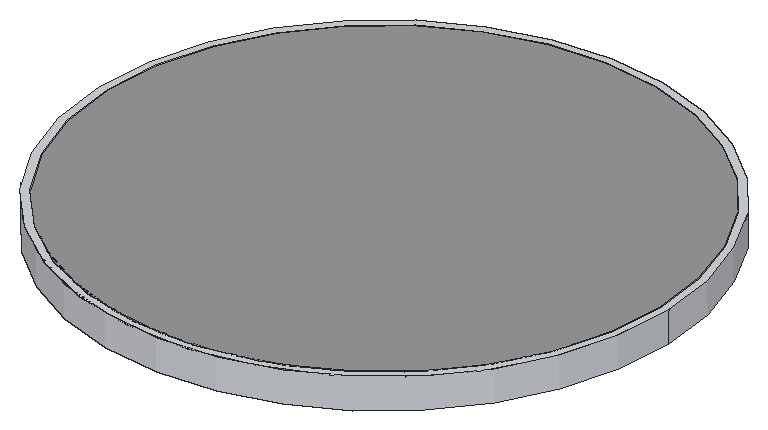
Revit family "2071299", category Lighting Fixtures, host Face, Revit 2018
Family settings
  Host = Face
  Round Connector Dimension = Use Diameter
  Part Type = Junction Box
  OmniClass Number = 23.80.70.00
  OmniClass Title = Lighting
  Cut with Voids When Loaded = No
  Light Source = Yes
  Shared = No
  Room Calculation Point = No
Parameters (values of type "2071299 COLOSSAL 1200 940 OP DIR WHT SSA02")
  iner diameter = 1168 mm
  Weight = "n/a"
  Wattage Comments = ""
  Wattage = 30 W
  WarrantyStartDate [instance] = "n/a"
  WarrantyGuarantorParts = "n/a"
  WarrantyDurationUnit = "n/a"
  WarrantyDurationParts = ""
  WarrantyDescription = "http://www.sylvania-lighting.com"
  built-in parameter 1150110 = 1 (stored number, unit not read)
  Voltage = 230 V
  URL = "0.95"
  TypeName = "COLOSSAL 1200mm 940 OPAL DIR WHITE SSA02"
  Type Image = <None>
  Type Comments = "n/a"
  built-in parameter 1114217 = 1 (stored number, unit not read)
  Tilt Angle = -90.00°
  built-in parameter 1150109 = 1 (stored number, unit not read)
  built-in parameter 1150134 = (empty or 0)
  built-in parameter 1150113 = 1 (stored number, unit not read)
  SerialNumber [instance] = "n/a"
  Photometric Web File = "2071299.ies"
  Material_3_SYL = LED-Sylvania
  PowerFactor = 0
  PowerConsumption = "Lighting"
  NominalLength = 1168 mm
  NominalHeight = 93 mm
  NominalDepth = 1168 mm
  Name = "COLOSSAL 1200mm 940 OPAL DIR WHITE SSA02"
  ModelReference = Name  # "COLOSSAL 1200mm 940 OPAL DIR WHITE SSA02"
  ModelNumber = "2071299"
  Model = Name  # "COLOSSAL 1200mm 940 OPAL DIR WHITE SSA02"
  Material = "Feilo Sylvania"
  ManufacturerName = "122 lm/W"
  Manufacturer = ""
  LuminousEfficacy = ""
  built-in parameter 1150105 = 270.44 (stored number, unit not read)
  Lumens = 3398.4 lm
  LuminaireType = "0"
  built-in parameter 1150115 = 1 (stored number, unit not read)
  LightOutputRatio = "LED"
  built-in parameter 1150137 = (empty or 0)
  built-in parameter 1150139 = (empty or 0)
  LampsType = Lamp  # "n/a"
  LampNominalLuminous = "4000 K"
  LampMacAdamStep = "90"
  LampColourTemperature = "LED"
  LampColourRenderingIndex = "16500"
  built-in parameter 1150112 = 1 (stored number, unit not read)
  built-in parameter 1150114 = 1 (stored number, unit not read)
  Lamp = "n/a"
  Keynote = "n/a"
  InstallationDate [instance] = "n/a"
  InputVoltage = "0"
  InputNominalFrequency = "4000"
  built-in parameter 1150132 = (empty or 0)
  built-in parameter 1150102 = (empty or 0)
  built-in parameter 1150107 = 3000 (stored number, unit not read)
  built-in parameter 1150138 = (empty or 0)
  IngressProtection = "IfcLightFixtureType"
  ImpactProtectionIndex = "IfcLightFixtureType"
  built-in parameter 1150106 = 2.7044 (stored number, unit not read)
  IfcExportType = "IfcLightFixtureType"
  IfcExportAs = "Class I"
  Emit from Circle Diameter = 385 mm
  Emit Shape Visible in Rendering = no
  ElectricShockClassification = "122"
  built-in parameter 1150104 = 10.524 (stored number, unit not read)
  DocumentationLiterature = "http://www.sylvania-lighting.com/product/en-int/products/2071299"
  DimmingControlOptions = "n/a"
  Material_2_SYL = Polycarbonate_Sylvania_White
  Dimming Lamp Color Temperature Shift = <None>
  Description = "1200mm diameter circular architectural luminaire, can be surface mounted or suspended. Powder coated aluminium housing (RAL9016) with polycarbonate opal diffuser. Direct light distribution, 18745lm luminuous flux, 153.6W system power, 122lm/W luminiaire efficacy. Sylsmart Connected enabled. Colour rendering index Ra >90, 4000K Neutral White LED, chromaticity tolerance of 3-step MacAdam ellipse. IP40/IP20, IK03. 450mA drive current. Electrical protection Class1, 220-240V. Reported lifetime 66k hours L90B10."
  Default Elevation = 1219.2 mm
  CreatedOn = "23/03/2022"
  CreatedBy = "@sylvania-lighting.com"
  Cost = 0
  Color Filter = 16777215
  built-in parameter 1114216 [instance] = (empty or 0)
  ClassificationValue = "EF_70_80"
  ClassificationName = "Uniclass2015"
  Material_1_SYL = Polycarbonate_Sylvania_Opal
  BarCode [instance] = "n/a"
  built-in parameter 1114218 = 1 (stored number, unit not read)
  built-in parameter 1150133 = 10 (stored number, unit not read)
  AssetType = "Fixed"
  AssetIdentifier [instance] = "n/a"
  Assembly Code = "D5020200"
  Apparent Load = 153.6 VA
  Material_4_SYL = none
Reference planes
  plane 1 "Center (Front/Back)": y = 0
  plane 2: z = 0
  plane 3 "Center (Left/Right)": x = 0
  plane 4: z = 1.161
  plane 5: z = 16.161
  plane 6: y = 584
  plane 7: y = -584
  plane 8: x = 85
  plane 9: x = -85
  plane 10: through (0, 0, 1219.2) normal (0.5, 0.866, 0)
  plane 11: through (42.5, 73.612, 1219.2) normal (0.5, 0.866, 0)
  plane 12: through (-42.5, -73.612, 1219.2) normal (0.5, 0.866, 0)
  plane 13: through (0, 0, 1219.2) normal (0.5, -0.866, 0)
  plane 14: through (-42.5, 73.612, 1219.2) normal (0.5, -0.866, 0)
  plane 15: through (42.5, -73.612, 1219.2) normal (0.5, -0.866, 0)
  plane 16: z = 93
  plane 17: y = 584
  plane 18: y = -584
  plane 19: y = -429
  plane 20: x = -584
  plane 21: x = 584
Forms (mm)
  Extrusion 1, solid, detail levels medium+fine
    sketch origin (0, 0, 0) x (0.866025, -0.5, 0) y (0.5, 0.866025, 0)
      loop
        circle (-50, 86.603) r 22
    from 0 to 2
  Extrusion 2, solid, detail levels medium+fine
    sketch origin (0, 0, 0) x (0.866025, -0.5, 0) y (0.5, 0.866025, 0)
      loop
        circle (100, 0) r 22
      loop
        circle (-50, -86.603) r 22
    from 0 to 2
  Extrusion 3, solid, detail levels medium+fine
    sketch origin (0, 0, 0) x (1, 0, 0) y (0, 1, 0)
      loop
        circle (0, 0) r 584
    from 30 to 93
  Extrusion 4, void
    sketch origin (0, 0, 0) x (1, 0, 0) y (0, 1, 0)
      loop
        circle (0, 0) r 568
    from 96.588 to 37.292
  Extrusion 5, solid, material "Glass, White, High Luminance", detail levels fine
    sketch origin (0, 0, 0) x (1, 0, 0) y (0, 1, 0)
      loop
        circle (0, 0) r 568
    from 88.022 to 93
  Extrusion 6, solid, detail levels coarse
    sketch origin (0, 0, 0) x (1, 0, 0) y (0, 1, 0)
      loop
        line (-584, 584) -> (-584, -584) -> (584, -584) -> (584, 584) -> (-584, 584)
    from 0 to 93
  Blend 7, solid, detail levels medium+fine
    base sketch origin (-10.814, 11.299, 29.922) x (1, 0, 0) y (0, 1, 0)
      loop
        line (-402.654, -330.622) -> (397.346, -330.622) -> (482.346, -183.398) -> (82.346, 509.423) -> (-87.654, 509.423) -> (-487.654, -183.398) -> (-402.654, -330.622)
    top sketch origin (-10.814, 11.299, 29.922) x (1, 0, 0) y (0, 1, 0)
      loop
        line (-363.391, -306.496) -> (364.632, -306.496) -> (449.632, -159.272) -> (87.132, 468.597) -> (-82.868, 468.597) -> (-445.368, -159.272) -> (-363.391, -306.496)
    from 0 to -30
Cuts and joins
  Extrusion 4 cuts Extrusion 1
  Extrusion 4 cuts Extrusion 2
  Extrusion 4 cuts Extrusion 3
Lines and regions (mm)
  model lines, detail levels medium+fine
    curve 1: circle (0, 0, 0) r 155 normal (0, 0, 1)
  reference lines
    curve 2: circle (0, 0, 0) r 489 normal (0, 0, 1)
    curve 3: circle (0, 0, 0) r 521 normal (0, 0, 1)
    curve 4: line (0, 0, 0) -> (606.218, -350, 0)
    curve 5: line (0, 0, 0) -> (0, 825, 0)
    curve 6: line (0, 0, 0) -> (-623.538, -360, 0)
    curve 7: line (639.013, -270.785, 0) -> (85, 49.075, 0)
    curve 8: line (563.718, -423.612, 0) -> (0, -98.15, 0)
    curve 9: line (85, 49.075, 0) -> (85, 825, 0)
    curve 10: line (-85, 49.075, 0) -> (-85, 825, 0)
    curve 11: line (-85, 49.075, 0) -> (-666.038, -286.388, 0)
    curve 12: line (-581.038, -433.612, 0) -> (0, -98.15, 0)
Dimensions and locks
  plane 4 to level = 1.161 mm
  locked: plane 5 to plane 4 at 15
  "NominalDepth": plane 6 to plane 7
  plane 6 to plane 1 "Center (Front/Back)" to plane 7 = 584 mm, 584 mm
  "NominalHeight": level to plane 16
  equal spacing: plane 17, plane 1 "Center (Front/Back)", plane 18
  "NominalLength": plane 20 to plane 21
  equal spacing: plane 20, plane 3 "Center (Left/Right)", plane 21
  aligned and locked: plane 2 to host face
  aligned and locked: level to host face
  aligned and locked: plane 6 to Extrusion 6
Automatic sketch dimensions
  host sketch curve to host sketch curve = 2438.4 mm  (x2)
  Extrusion 1 sketch curve to plane 3 "Center (Left/Right)" = 0 mm
  Extrusion 1 sketch curve to plane 1 "Center (Front/Back)" = 100 mm
  plane 1 "Center (Front/Back)" to Extrusion 2 sketch curve = 50 mm
  Extrusion 2 sketch curve to plane 3 "Center (Left/Right)" = 86.603 mm
  Extrusion 2 sketch curve to Extrusion 2 sketch curve = 150 mm
  Extrusion 2 sketch curve to Extrusion 2 sketch curve = 86.603 mm
  plane 1 "Center (Front/Back)" to curve 1 = 0 mm
  curve 1 to plane 3 "Center (Left/Right)" = 0 mm
  plane 1 "Center (Front/Back)" to Extrusion 3 sketch curve = 0 mm
  Extrusion 3 sketch curve to plane 3 "Center (Left/Right)" = 0 mm
  plane 1 "Center (Front/Back)" to Extrusion 4 sketch curve = 0 mm
  Extrusion 4 sketch curve to plane 3 "Center (Left/Right)" = 0 mm
  plane 1 "Center (Front/Back)" to Extrusion 5 sketch curve = 0 mm
  Extrusion 5 sketch curve to plane 3 "Center (Left/Right)" = 0 mm
  curve 2 to curve 3 = 0 mm  (x2)
  curve 11 to plane 14 = 0 mm
  curve 6 to plane 13 = 0 mm
  curve 12 to plane 15 = 0 mm
  curve 10 to plane 9 = 0 mm
  curve 12 to plane 3 "Center (Left/Right)" = 0 mm
  plane 1 "Center (Front/Back)" to curve 3 = 0 mm
  curve 3 to plane 3 "Center (Left/Right)" = 0 mm
  curve 7 to plane 8 = 0 mm
  curve 11 to plane 10 = 0 mm
  curve 12 to plane 19 = 4.612 mm
  plane 19 to curve 6 = 69 mm
  plane 19 to curve 11 = 142.612 mm
  plane 19 to curve 8 = 5.388 mm
  plane 19 to curve 4 = 79 mm
  plane 19 to curve 7 = 158.215 mm
  plane 6 to curve 5 = 241 mm
  curve 10 to curve 5 = 0 mm
  curve 5 to curve 9 = 0 mm
  plane 1 "Center (Front/Back)" to curve 6 = 0 mm
  curve 6 to plane 3 "Center (Left/Right)" = 0 mm
  Extrusion 6 sketch curve to plane 7 = 0 mm
  Extrusion 6 sketch curve to plane 6 = 0 mm
  Blend 7 sketch curve to plane 6 = 756.098 mm  (x2)
  Blend 7 sketch curve to Blend 7 sketch curve = 85 mm
  plane 3 "Center (Left/Right)" to Blend 7 sketch curve = 386.532 mm
  plane 8 to Blend 7 sketch curve = 386.532 mm
  Blend 7 sketch curve to plane 6 = 63.278 mm
  Blend 7 sketch curve to plane 6 = 731.972 mm  (x2)
  Blend 7 sketch curve to Blend 7 sketch curve = 81.977 mm
  plane 3 "Center (Left/Right)" to Blend 7 sketch curve = 353.818 mm
  plane 8 to Blend 7 sketch curve = 353.818 mm
  Blend 7 sketch curve to plane 6 = 104.104 mm
  plane 12 to curve 8 = 0 mm
  plane 19 to Blend 7 sketch curve = 109.677 mm
  plane 19 to Blend 7 sketch curve = 133.803 mm
  plane 8 to Extrusion 6 sketch curve = 499 mm
  Extrusion 6 sketch curve to plane 9 = 499 mm
  Blend 7 sketch curve to plane 8 = 13.468 mm
  Blend 7 sketch curve to plane 9 = 13.468 mm
  Blend 7 sketch curve to plane 9 = 328.468 mm
  Blend 7 sketch curve to plane 8 = 8.682 mm
  Blend 7 sketch curve to plane 9 = 8.682 mm
  Blend 7 sketch curve to plane 9 = 289.205 mm
  plane 10 to curve 4 = 0 mm
  plane 11 to curve 7 = 0 mm
  curve 12 to plane 12 = 0 mm
  curve 9 to plane 11 = 0 mm
  radius of Extrusion 1 sketch curve = 22 mm
  radius of Extrusion 2 sketch curve = 22 mm  (x2)
  radius of curve 1 = 155 mm
  radius of Extrusion 3 sketch curve = 584 mm
  radius of Extrusion 4 sketch curve = 568 mm
  radius of Extrusion 5 sketch curve = 568 mm
  radius of curve 2 = 489 mm
  radius of curve 3 = 521 mm
Connectors
  electrical at (0, 0, 30)
    settings: on cut or joined group of Extrusion 3, Extrusion 4, index 1, voltage 0 V, apparent load 0 VA, apparent load phase1 0 VA, apparent load phase2 0 VA, apparent load phase3 0 VA, power factor 1, load classification "Other", number of poles 1, system type 31, power factor state 1, is connector primary yes, connector utility no, sub classification motor no, connector description ""
